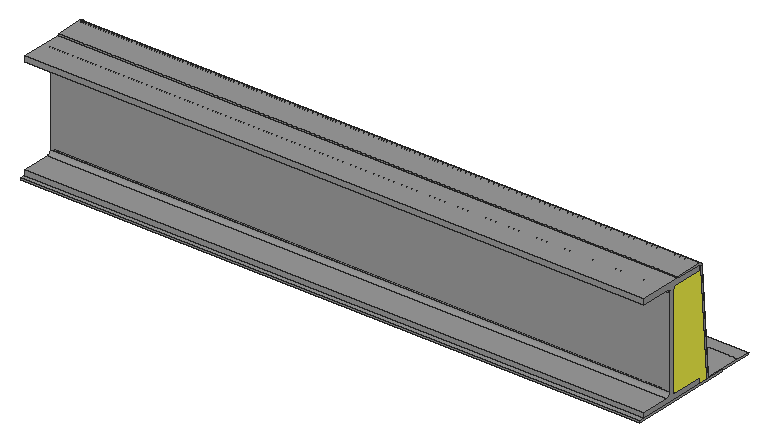
Revit family "XK 70", category Generic Models, Revit 2014
Parameters (values of type "Corrosion")
  URL = "http://www.keystonelintels.co.uk"
  Structural Opening [instance] = 900 mm
  Structural Performance = "The Keystone lintel range has safe working loads as detailed in each applicable loading table in the Keystone Lintel Guide brochure. The structural performance figures within each table have been ascertained by testing in accordance with the requirements of standards BS EN 5977-2: 1983 and BS EN 845-2: 2003."
  RIBA Productor Selector = "available for Keystone Lintels Ltd from Keystone Lintels Ltd from ribaproductselector.com"
  Model = "X/K 70"
  Min Length = 600 mm
  Min Clear Span = 300 mm
  Max Length = 6600 mm
  Max Clear Span = 6600 mm
  Material - Stainless Steel = "Grade 304 2b 1.4307 to BS EN 10088-2. Other grades available on request: contact manufacturer."
  Material - Galvanised Steel = "To BS EN 10346: 2009. DX51D plus Z600 or grade Z275 to BS 5977-2: 1983 (BS EN 845-2: 2003)."
  Manufacturer = "Keystone"
  Manufactured Length [instance] = (roundup(Effective Length / 150 mm) * 150 mm)  # 1200 mm
  Lintel height [instance] = 2100 mm
  Keynote = "F30/755"
  Fire Performance = "Keystone lintels have been subjected to a fire test (WARRES No. 101263) in accordance with BS 476-20: 1987, at Exova Warrington Fire and achieved a one hour fire performance."
  End Bearing = 150 mm
  Effective Length [instance] = Clear Opening with MIN MAX set + End Bearing * 2  # 1200 mm
  Corrosion = "Keystone’s standard range of lintels are manufactured from high quality grade pre-galvanized carbon steel with a zinc coating of 600"
  Contact Tel = "+44 (0)28 8676 2184"
  Contact Email = "info@keystonelintels.co.uk"
  Clear Opening with MIN MAX set [instance] = if(Structural Opening < Min Clear Span, Min Clear Span, (if(Structural Opening > Max Clear Span, Max Clear Span, Structural Opening)))  # 900 mm
  CPD Information = "Available for Keystone Lintels Ltd from ribacpd.com"
Reference planes
  plane 1 "Center (Front/Back)": y = 0
  plane 2: z = 0
  plane 3 "Center (Left/Right)": x = 0
  plane 4: x = -600
  plane 5: x = 600
  plane 6: z = 2100
  plane 7: x = -450
  plane 8: x = 450
Forms (mm)
  Extrusion 1, solid, material "Steel"
    sketch origin (0, 694.158, -506.841) x (0, 1, 0) y (0, 0, 1)
      loop
        line (-610.602, 2606.841) -> (-585.617, 2605.979) -> (-585.507, 2609.177) -> (-610.492, 2610.041) -> (-681.648, 2610.041)
        arc (-681.648, 2610.041) -> (-682.872, 2610.522) -> (-683.443, 2611.706) r 1.8
        line (-683.443, 2611.706) -> (-698.493, 2812.143)
        arc (-698.493, 2812.143) -> (-700.174, 2815.491) -> (-703.669, 2816.841) r 5.2
        line (-703.669, 2816.841) -> (-756.169, 2816.841) -> (-756.169, 2813.641) -> (-703.669, 2813.641)
        arc (-703.669, 2813.641) -> (-702.335, 2813.131) -> (-701.681, 2811.86) r 2
        line (-701.681, 2811.86) -> (-686.634, 2611.467)
        arc (-686.634, 2611.467) -> (-685.049, 2608.176) -> (-681.648, 2606.841) r 5
        line (-681.648, 2606.841) -> (-610.602, 2606.841)
    from -600 to 600
  Extrusion 2, solid, material "Steel"
    sketch origin (0, 694.054, -506.841) x (0, 1, 0) y (0, 0, 1)
      loop
        line (-848.466, 2603.641) -> (-648.466, 2603.641) -> (-648.466, 2606.841) -> (-848.466, 2606.841) -> (-848.466, 2603.641)
    from -600 to 600
  Extrusion 3, solid, material "Steel"
    sketch origin (0, 694.054, -506.841) x (0, 1, 0) y (0, 0, 1)
      loop
        line (-704.566, 2606.841) -> (-704.566, 2616.441) -> (-760.716, 2616.441)
        arc (-760.716, 2616.441) -> (-766.09, 2618.667) -> (-768.316, 2624.041) r 7.6
        line (-768.316, 2624.041) -> (-768.316, 2796.441)
        arc (-768.316, 2796.441) -> (-766.09, 2801.815) -> (-760.716, 2804.041) r 7.6
        line (-760.716, 2804.041) -> (-704.566, 2804.041) -> (-704.566, 2813.641) -> (-838.466, 2813.641) -> (-838.466, 2804.041) -> (-782.316, 2804.041)
        arc (-782.316, 2804.041) -> (-776.942, 2801.815) -> (-774.716, 2796.441) r 7.6
        line (-774.716, 2796.441) -> (-774.716, 2624.041)
        arc (-774.716, 2624.041) -> (-776.942, 2618.667) -> (-782.316, 2616.441) r 7.6
        line (-782.316, 2616.441) -> (-838.466, 2616.441) -> (-838.466, 2606.841) -> (-704.566, 2606.841)
    from -600 to 600
  Extrusion 4, solid, material "Insulation"
    sketch origin (0, 694.054, -506.841) x (0, 1, 0) y (0, 0, 1)
      loop
        arc (-681.648, 2606.841) -> (-685.049, 2608.176) -> (-686.634, 2611.467) r 5
        line (-686.634, 2611.467) -> (-701.681, 2811.86)
        arc (-701.681, 2811.86) -> (-702.335, 2813.131) -> (-703.669, 2813.641) r 2
        line (-703.669, 2813.641) -> (-704.566, 2813.641) -> (-704.566, 2804.041) -> (-760.716, 2804.041)
        arc (-760.716, 2804.041) -> (-766.09, 2801.815) -> (-768.316, 2796.441) r 7.6
        line (-768.316, 2796.441) -> (-768.316, 2624.041)
        arc (-768.316, 2624.041) -> (-766.09, 2618.667) -> (-760.716, 2616.441) r 7.6
        line (-760.716, 2616.441) -> (-704.566, 2616.441) -> (-704.566, 2606.841) -> (-681.648, 2606.841)
    from -600 to 600
  Extrusion 5, solid, not visible
    sketch origin (0, 953.469, 1280.322) x (0, 1, 0) y (0, 0, 1)
      loop
        line (-610.602, 1006.841) -> (-585.617, 1005.979) -> (-585.507, 1009.177) -> (-610.492, 1010.041) -> (-681.648, 1010.041)
        arc (-681.648, 1010.041) -> (-682.872, 1010.522) -> (-683.443, 1011.706) r 1.8
        line (-683.443, 1011.706) -> (-698.493, 1212.143)
        arc (-698.493, 1212.143) -> (-700.174, 1215.491) -> (-703.669, 1216.841) r 5.2
        line (-703.669, 1216.841) -> (-756.169, 1216.841) -> (-756.169, 1213.641) -> (-703.669, 1213.641)
        arc (-703.669, 1213.641) -> (-702.335, 1213.131) -> (-701.681, 1211.86) r 2
        line (-701.681, 1211.86) -> (-686.634, 1011.467)
        arc (-686.634, 1011.467) -> (-685.049, 1008.176) -> (-681.648, 1006.841) r 5
        line (-681.648, 1006.841) -> (-610.602, 1006.841)
    from 0 to 250
  Extrusion 6, solid, not visible
    sketch origin (0, 589.311, 1275.076) x (0, 1, 0) y (0, 0, 1)
      loop
        line (-704.566, 1006.841) -> (-704.566, 1016.441) -> (-760.716, 1016.441)
        arc (-760.716, 1016.441) -> (-766.09, 1018.667) -> (-768.316, 1024.041) r 7.6
        line (-768.316, 1024.041) -> (-768.316, 1196.441)
        arc (-768.316, 1196.441) -> (-766.09, 1201.815) -> (-760.716, 1204.041) r 7.6
        line (-760.716, 1204.041) -> (-704.566, 1204.041) -> (-704.566, 1213.641) -> (-838.466, 1213.641) -> (-838.466, 1204.041) -> (-782.316, 1204.041)
        arc (-782.316, 1204.041) -> (-776.942, 1201.815) -> (-774.716, 1196.441) r 7.6
        line (-774.716, 1196.441) -> (-774.716, 1024.041)
        arc (-774.716, 1024.041) -> (-776.942, 1018.667) -> (-782.316, 1016.441) r 7.6
        line (-782.316, 1016.441) -> (-838.466, 1016.441) -> (-838.466, 1006.841) -> (-704.566, 1006.841)
    from 0 to 250
  Extrusion 7, solid, not visible
    sketch origin (0, 1063.663, 985.115) x (0, 1, 0) y (0, 0, 1)
      loop
        line (-848.466, 1003.641) -> (-648.466, 1003.641) -> (-648.466, 1006.841) -> (-848.466, 1006.841) -> (-848.466, 1003.641)
    from 0 to 250
  Extrusion 8, solid, not visible
    sketch origin (0, 526.868, 743.612) x (0, 1, 0) y (0, 0, 1)
      loop
        arc (-681.648, 1006.841) -> (-685.049, 1008.176) -> (-686.634, 1011.467) r 5
        line (-686.634, 1011.467) -> (-701.681, 1211.86)
        arc (-701.681, 1211.86) -> (-702.335, 1213.131) -> (-703.669, 1213.641) r 2
        line (-703.669, 1213.641) -> (-704.566, 1213.641) -> (-704.566, 1204.041) -> (-760.716, 1204.041)
        arc (-760.716, 1204.041) -> (-766.09, 1201.815) -> (-768.316, 1196.441) r 7.6
        line (-768.316, 1196.441) -> (-768.316, 1024.041)
        arc (-768.316, 1024.041) -> (-766.09, 1018.667) -> (-760.716, 1016.441) r 7.6
        line (-760.716, 1016.441) -> (-704.566, 1016.441) -> (-704.566, 1006.841) -> (-681.648, 1006.841)
    from 0 to 250
Dimensions and locks
  equal spacing: plane 4, plane 3 "Center (Left/Right)", plane 5
  "Manufactured Length": plane 4 to plane 5
  "Lintel height": plane 6 to level
  "Structural Opening": plane 7 to plane 8
  equal spacing: plane 7, plane 3 "Center (Left/Right)", plane 8
  aligned and locked: level to plane 2
  aligned and locked: Extrusion 1 to plane 6
  aligned and locked: plane 6 to Extrusion 2
  aligned and locked: Extrusion 3 to plane 6
  aligned and locked: Extrusion 4 to plane 6
  aligned and locked: plane 5 to Extrusion 3
  aligned and locked: Extrusion 3 to plane 4
  aligned and locked: plane 5 to Extrusion 1
  aligned and locked: Extrusion 1 to plane 4
  aligned and locked: plane 5 to Extrusion 2
  aligned and locked: Extrusion 2 to plane 4
  aligned and locked: plane 5 to Extrusion 4
  aligned and locked: Extrusion 4 to plane 4
Automatic sketch dimensions
  Extrusion 1 sketch curve to Extrusion 1 sketch curve = 0.11 mm  (x2)
  Extrusion 1 sketch curve to Extrusion 1 sketch curve = 3.198 mm
  Extrusion 1 sketch curve to Extrusion 1 sketch curve = 24.985 mm
  Extrusion 1 sketch curve to Extrusion 1 sketch curve = 3.2 mm
  Extrusion 1 sketch curve to Extrusion 1 sketch curve = 71.046 mm
  Extrusion 1 sketch curve to Extrusion 1 sketch curve = 1.8 mm
  Extrusion 1 sketch curve to Extrusion 1 sketch curve = 4.986 mm
  Extrusion 1 sketch curve to Extrusion 1 sketch curve = 1.795 mm
  Extrusion 1 sketch curve to Extrusion 1 sketch curve = 15.051 mm
  Extrusion 1 sketch curve to Extrusion 1 sketch curve = 200.436 mm
  Extrusion 1 sketch curve to Extrusion 1 sketch curve = 3.188 mm
  Extrusion 1 sketch curve to Extrusion 1 sketch curve = 0.282 mm
  Extrusion 1 sketch curve to Extrusion 1 sketch curve = 1.988 mm
  Extrusion 1 sketch curve to Extrusion 1 sketch curve = 0.219 mm
  Extrusion 1 sketch curve to Extrusion 1 sketch curve = 52.5 mm
  Extrusion 2 sketch curve to Extrusion 2 sketch curve = 200 mm
  Extrusion 2 sketch curve to Extrusion 2 sketch curve = 3.2 mm
  Extrusion 3 sketch curve to Extrusion 3 sketch curve = 56.15 mm  (x2)
  Extrusion 3 sketch curve to Extrusion 3 sketch curve = 9.6 mm  (x3)
  Extrusion 3 sketch curve to Extrusion 3 sketch curve = 77.75 mm
  Extrusion 3 sketch curve to Extrusion 3 sketch curve = 21.6 mm
  Extrusion 3 sketch curve to Extrusion 3 sketch curve = 7.6 mm  (x4)
  Extrusion 3 sketch curve to Extrusion 3 sketch curve = 172.4 mm
  Extrusion 3 sketch curve to Extrusion 3 sketch curve = 0 mm
  Extrusion 3 sketch curve to Extrusion 3 sketch curve = 63.75 mm
  Extrusion 4 sketch curve to Extrusion 4 sketch curve = 7.6 mm  (x3)
  Extrusion 4 sketch curve to Extrusion 4 sketch curve = 56.15 mm  (x2)
  Extrusion 4 sketch curve to Extrusion 4 sketch curve = 0.896 mm
  Extrusion 4 sketch curve to Extrusion 4 sketch curve = 1.988 mm
  Extrusion 4 sketch curve to Extrusion 4 sketch curve = 17.932 mm
  Extrusion 4 sketch curve to Extrusion 4 sketch curve = 4.986 mm
  Extrusion 4 sketch curve to Extrusion 4 sketch curve = 4.626 mm
  Extrusion 4 sketch curve to Extrusion 4 sketch curve = 9.6 mm
  Extrusion 4 sketch curve to Extrusion 4 sketch curve = 172.4 mm
  Extrusion 4 sketch curve to Extrusion 4 sketch curve = 0.219 mm
  Extrusion 1 sketch curve to Extrusion 1 sketch curve = 0 mm  (x8)
  Extrusion 5 sketch curve to Extrusion 5 sketch curve = 0.11 mm  (x2)
  Extrusion 5 sketch curve to Extrusion 5 sketch curve = 3.198 mm
  Extrusion 5 sketch curve to Extrusion 5 sketch curve = 24.985 mm
  Extrusion 5 sketch curve to Extrusion 5 sketch curve = 3.2 mm
  Extrusion 5 sketch curve to Extrusion 5 sketch curve = 71.046 mm
  Extrusion 5 sketch curve to Extrusion 5 sketch curve = 1.8 mm
  Extrusion 5 sketch curve to Extrusion 5 sketch curve = 4.986 mm
  Extrusion 5 sketch curve to Extrusion 5 sketch curve = 0 mm  (x8)
  Extrusion 5 sketch curve to Extrusion 5 sketch curve = 1.795 mm
  Extrusion 5 sketch curve to Extrusion 5 sketch curve = 15.051 mm
  Extrusion 5 sketch curve to Extrusion 5 sketch curve = 200.436 mm
  Extrusion 5 sketch curve to Extrusion 5 sketch curve = 3.188 mm
  Extrusion 5 sketch curve to Extrusion 5 sketch curve = 0.282 mm
  Extrusion 5 sketch curve to Extrusion 5 sketch curve = 1.988 mm
  Extrusion 5 sketch curve to Extrusion 5 sketch curve = 0.219 mm
  Extrusion 5 sketch curve to Extrusion 5 sketch curve = 52.5 mm
  Extrusion 6 sketch curve to Extrusion 6 sketch curve = 56.15 mm  (x2)
  Extrusion 6 sketch curve to Extrusion 6 sketch curve = 9.6 mm  (x3)
  Extrusion 6 sketch curve to Extrusion 6 sketch curve = 77.75 mm
  Extrusion 6 sketch curve to Extrusion 6 sketch curve = 21.6 mm
  Extrusion 6 sketch curve to Extrusion 6 sketch curve = 7.6 mm  (x4)
  Extrusion 6 sketch curve to Extrusion 6 sketch curve = 172.4 mm
  Extrusion 6 sketch curve to Extrusion 6 sketch curve = 0 mm
  Extrusion 6 sketch curve to Extrusion 6 sketch curve = 63.75 mm
  Extrusion 7 sketch curve to Extrusion 7 sketch curve = 200 mm
  Extrusion 7 sketch curve to Extrusion 7 sketch curve = 3.2 mm
  Extrusion 8 sketch curve to Extrusion 8 sketch curve = 7.6 mm  (x3)
  Extrusion 8 sketch curve to Extrusion 8 sketch curve = 56.15 mm  (x2)
  Extrusion 8 sketch curve to Extrusion 8 sketch curve = 0.896 mm
  Extrusion 8 sketch curve to Extrusion 8 sketch curve = 1.988 mm
  Extrusion 8 sketch curve to Extrusion 8 sketch curve = 17.932 mm
  Extrusion 8 sketch curve to Extrusion 8 sketch curve = 4.986 mm
  Extrusion 8 sketch curve to Extrusion 8 sketch curve = 4.626 mm
  Extrusion 8 sketch curve to Extrusion 8 sketch curve = 9.6 mm
  Extrusion 8 sketch curve to Extrusion 8 sketch curve = 172.4 mm
  Extrusion 8 sketch curve to Extrusion 8 sketch curve = 0.219 mm
  Extrusion 1 sketch curve to plane 6 = 0 mm
  plane 1 "Center (Front/Back)" to Extrusion 1 sketch curve = 62.012 mm
  Extrusion 4 sketch curve to plane 6 = 0 mm
  plane 1 "Center (Front/Back)" to Extrusion 4 sketch curve = 74.262 mm
  Extrusion 2 sketch curve to plane 6 = 0 mm
  plane 1 "Center (Front/Back)" to Extrusion 2 sketch curve = 154.412 mm
  Extrusion 3 sketch curve to plane 6 = 0 mm
  plane 1 "Center (Front/Back)" to Extrusion 3 sketch curve = 144.412 mm
